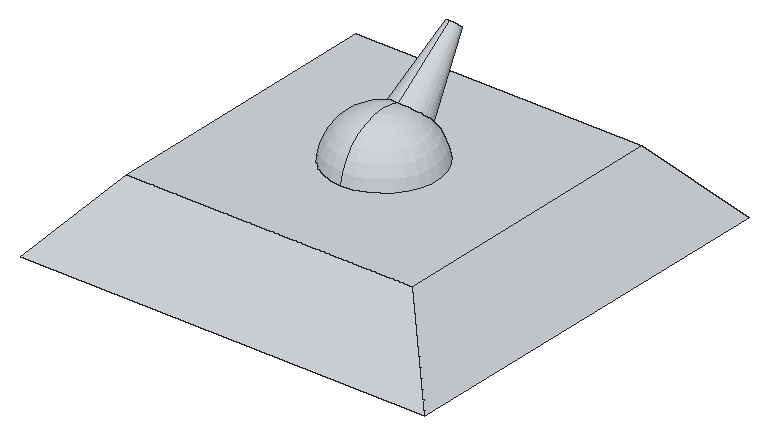
Revit family "WH1830A-SLPT", category Mechanical Equipment, host Face, Revit 2016
Family settings
  Host = Face
  Part Type = Normal
  Round Connector Dimension = Use Diameter
  OmniClass Number = 23.40.95.17.31
  OmniClass Title = Wall Hangings
  Cut with Voids When Loaded = No
  Shared = Yes
  Room Calculation Point = No
Parameters (values of type "WH1830A-SLPT")
  Waste Connection = no
  OVERALL SIZE WIDTH = 5.12
  Voltage = 0
  Vent Connection = no
  URL = "https://www.whitehallmfg.com/home"
  Type Comments = ""
  Tempered Water Connection = no
  Revised Date = "10/09/2019"
  Phone# = "1.800.782.7706"
  Model = "WH1830A-SLPT"
  Material = Stainless Steel
  Manufacturer = "Whitehall Mfg"
  OVERALL SIZE HEIGHT = 0.87
  HW Connection = no
  Designed By = "ACORN BIM DESIGN TEAM"
  Description = "WH1830A-SLPT - Ligature-Resistant Adjustable Auto Release Clothes Towel Hook Front Mount White"
  Default Elevation = 36.000"
  OVERALL DEPTH = 5.12
  CW Connection = no
  Assembly Code = ""
  Amperage = 0
  WH1830A-SLPT - Ligature-Resistant Adjustable Auto Release Clothes Towel Hook Front Mount White = ""
Reference planes (in)
  plane 1 "Center (Front/Back)": y = 0.58857
  plane 2: z = 0
  plane 3 "Center (Left/Right)": x = 0
  plane 4: x = 2.562
  plane 5: x = -2.562
  plane 6: y = 3.15107
  plane 7: y = -1.97393
  plane 8: z = 0.875
Forms (in)
  Blend 1, solid
    base sketch origin (0, 0, 0) x (1, 0, 0) y (0, 1, 0)
      loop
        line (-2.562, 3.15107) -> (-2.562, -1.97393) -> (2.562, -1.97393) -> (2.562, 3.15107) -> (-2.562, 3.15107)
    top sketch origin (0, 0, 0) x (1, 0, 0) y (0, 1, 0)
      loop
        line (-1.812, 2.40107) -> (-1.812, -1.22393) -> (1.812, -1.22393) -> (1.812, 2.40107) -> (-1.812, 2.40107)
    from 0 to 0.875
  Revolve 2, solid
    sketch origin (-0.00868, -59.99917, 48) x (0, -1, 0) y (0, 0, 1)
      loop
        line (-60.58857, -46.53453) -> (-60.58857, -47.125) -> (-59.91683, -47.125)
        arc (-59.91683, -47.125) -> (-60.13971, -46.70122) -> (-60.58857, -46.53453) r 0.66981
      axis (-60.58857, -47.125) -> (-60.58857, -46.53453)
    angle from 0 to 360
  Revolve 3, solid
    sketch origin (-0.00088, 61.34418, 48.00702) x (0, 1, 0) y (0, 0, -1)
      loop
        line (-60.35835, 46.77765) -> (-59.65124, 46.07054) -> (-59.58764, 46.13415) -> (-60.17543, 46.96056) -> (-60.35835, 46.77765)
      axis (-60.35835, 46.77765) -> (-59.65124, 46.07054)
    angle from 0 to 360
Dimensions and locks (in)
  plane 4 to plane 5 = 5.124"
  plane 5 to plane 3 "Center (Left/Right)" = 2.562"
  equal spacing: plane 6, plane 1 "Center (Front/Back)", plane 7
  plane 5 to plane 4 = 5.124"
  equal spacing: plane 5, plane 3 "Center (Left/Right)", plane 4
  equal spacing: Blend 1 sketch curve, plane 1 "Center (Front/Back)", Blend 1 sketch curve  (x2)
  equal spacing: Blend 1 sketch curve, plane 3 "Center (Left/Right)", Blend 1 sketch curve  (x2)
  plane 6 to plane 7 = 5.125"
  Blend 1 to Blend 1 = 3.624"
  Blend 1 to Blend 1 = 3.625"
  aligned and locked: plane 2 to host face
  aligned and locked: level to host face
  aligned and locked: plane 8 to Blend 1
Automatic sketch dimensions
  host sketch curve to host sketch curve = 6.30322"
  host sketch curve to host sketch curve = 6.05716"
  Blend 1 sketch curve to plane 5 = 0.000"
  Blend 1 sketch curve to plane 7 = 0.000"
  plane 5 to Blend 1 sketch curve = 0.750"
  plane 7 to Blend 1 sketch curve = 0.750"
  Revolve 2 sketch curve to plane 8 = 0.000"
  Revolve 2 sketch curve to plane 1 "Center (Front/Back)" = 0.00083"
  plane 1 "Center (Front/Back)" to Revolve 2 sketch curve = 0.00581"
  Revolve 2 sketch curve to Revolve 2 sketch curve = 0.6651"
  Revolve 2 sketch curve to plane 8 = 0.0793"
  Revolve 2 sketch curve to Revolve 2 sketch curve = 0.000"  (x2)
  Revolve 2 sketch curve to Revolve 2 sketch curve = 0.500"
  Revolve 3 sketch curve to plane 1 "Center (Front/Back)" = 0.39726"
  plane 8 to Revolve 3 sketch curve = 0.17146"
  Revolve 3 sketch curve to Revolve 3 sketch curve = 0.18292"  (x2)
  Revolve 3 sketch curve to Revolve 3 sketch curve = 0.70711"
  Revolve 3 sketch curve to Revolve 3 sketch curve = 0.06361"
  Revolve 3 sketch curve to Revolve 3 sketch curve = 0.000"  (x2)
  Revolve 3 sketch curve to Revolve 3 sketch curve = 0.35355"  (x2)
